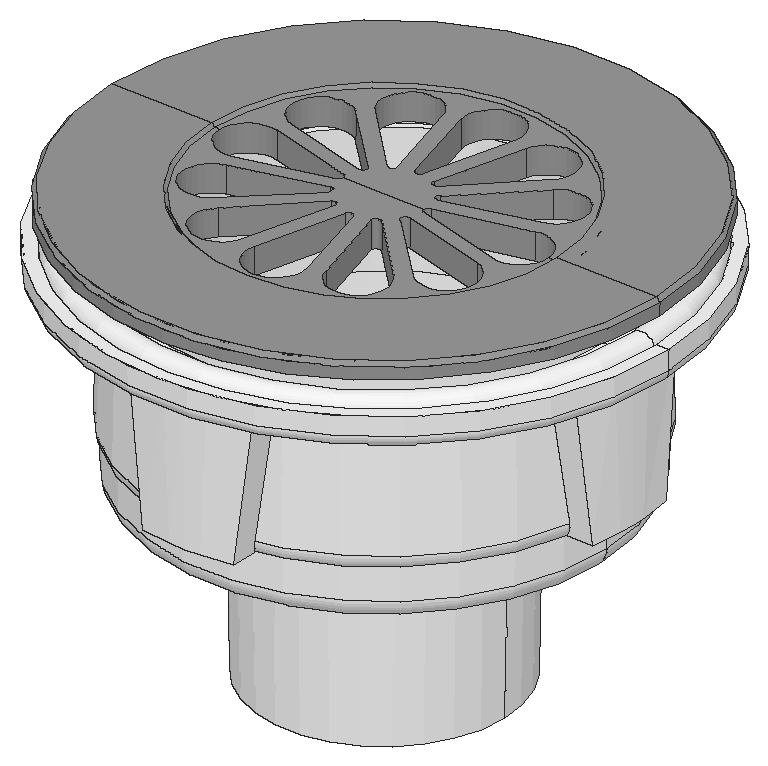
Revit family "0524.03 LRP FC HF BE40", category Plumbing Fixtures, Revit 2016
Family settings
  Part Type = Normal
  Round Connector Dimension = Use Diameter
  OmniClass Number = 23.31.27.00
  OmniClass Title = Floor Drains
  Work Plane-Based = No
  Always vertical = Yes
  Cut with Voids When Loaded = No
  Shared = No
  Room Calculation Point = No
Parameters (values of type "0524.03")
  Waste Connection = yes
  Vent Connection = no
  URL = "www.aquaknight.co.nz"
  Phone = "+6498322214"  # constant formula
  Model = "LRP FC HF BE40 - 0524.03"
  Manufacturer = "Aquanight Industries Ltd"  # constant formula
  HW Connection = no
  Email = "info@aquaknight.co.nz"  # constant formula
  Description = "DWV40 Wastetrap with chrome flat lid"
  CW Connection = no
Reference planes
  plane 1 "Center (Front/Back)": y = 0
  plane 2: z = 0
  plane 3 "Center (Left/Right)": x = 0
  plane 4: x = -12.666
  plane 5: x = -8.658
  plane 6: z = -62.638
Forms (mm)
  Revolve 1, solid, material "Plastic, Glossy White"
    sketch origin (0, 0, 0) x (1, 0, 0) y (0, 0, 1)
      loop
        line (-42.055, -39.828) -> (-42.255, -28.405) -> (-40.35, -28.405) -> (-39.919, -2.405) -> (-41.45, -2.405) -> (-41.45, 6.595) -> (-52.279, 6.595) -> (-52.279, 4.395) -> (-50.75, 3.513) -> (-46.125, 3.095)
        arc (-46.125, 3.095) -> (-44.504, 2.292) -> (-43.85, 0.606) r 2.5
        line (-43.85, 0.606) -> (-43.85, -3.399) -> (-49.924, -3.399)
        arc (-49.924, -3.399) -> (-51.565, 1.366) -> (-53.206, -3.399) r 2.665
        line (-53.206, -3.399) -> (-54.441, -3.399) -> (-54.5, 0) -> (-57, 0) -> (-56.936, -3.693)
        arc (-56.936, -3.693) -> (-56.187, -5.433) -> (-54.434, -6.149) r 2.5
        line (-54.434, -6.149) -> (-45.017, -6.149)
        spline (-45.017, -6.149) -> (-45.069, -8.251) -> (-45.119, -10.355) -> (-45.168, -12.461) -> (-45.216, -14.57) -> (-45.262, -16.68) -> (-45.306, -18.793) -> (-45.349, -20.908) -> (-45.391, -23.025) -> (-45.431, -25.143) -> (-45.469, -27.264) -> (-45.506, -29.386) -> (-45.542, -31.51)
        arc (-45.542, -31.51) -> (-45.324, -32.787) -> (-44.659, -33.899) r 3.52
        line (-44.659, -33.899) -> (-44.55, -40.153)
        arc (-44.55, -40.153) -> (-43.731, -42.479) -> (-41.682, -43.852) r 3.908
        line (-41.682, -43.852) -> (-24.658, -48.55) -> (-24.15, -77.646) -> (-21.65, -77.646) -> (-21.3, -49.146) -> (-20, -49.146)
        arc (-20, -49.146) -> (-20.511, -47.632) -> (-21.835, -46.736) r 2.5
        line (-21.835, -46.736) -> (-40.746, -41.517)
        arc (-40.746, -41.517) -> (-41.682, -40.89) -> (-42.055, -39.828) r 1.784
      axis (0, 6.595) -> (0, -77.646)
    angle from 0 to 360
  Revolve 2, solid, material "Steel, Chrome Plated"
    sketch origin (0, 0, 0) x (1, 0, 0) y (0, 0, 1)
      loop
        line (-34, 7.988) -> (-34.6, 8.588) -> (-54.5, 8.588) -> (-55.25, 7.838) -> (-55.25, 5.588) -> (-46.4, 5.588) -> (-36.005, 6.681)
        arc (-36.005, 6.681) -> (-35.231, 6.43) -> (-34.9, 5.687) r 1
        line (-34.9, 5.687) -> (-34.9, 2.713) -> (-5.25, 2.713) -> (-5.25, 5.488) -> (0, 5.488) -> (0, 7.988) -> (-34, 7.988)
      axis (0, 8.588) -> (0, 2.713)
    angle from 0 to 360
  SweptBlend 3, solid, material "Plastic, Glossy White", detail levels fine
    path origin (0, 0, 0) x (1, 0, 0) y (0, 0, 1)
      loop
        line (0, -6.149) -> (0, -33.899)
    profile origin (0, 0, -6.149) x (0, -1, 0) y (1, 0, 0)
      loop
        arc (48.308, -12.6) -> (49.924, 0) -> (48.308, 12.6) r 49.924
        line (48.308, 12.6) -> (43.218, 12.6)
        arc (43.218, 12.6) -> (45.017, 0) -> (43.218, -12.6) r 45.017
        line (43.218, -12.6) -> (48.308, -12.6)
    end profile origin (0, 0, -33.899) x (0, -1, 0) y (1, 0, 0)
      loop
        arc (49.088, -9.1) -> (49.924, 0) -> (49.088, 9.1) r 49.924
        line (49.088, 9.1) -> (44.088, 9.1)
        arc (44.088, 9.1) -> (45.017, 0) -> (44.088, -9.1) r 45.017
        line (44.088, -9.1) -> (49.088, -9.1)
  SweptBlend 4, solid, material "Plastic, Glossy White", detail levels fine
    path origin (0, 0, 0) x (0, -1, 0) y (0, 0, 1)
      loop
        line (0, -6.149) -> (0, -33.899)
    profile origin (0, 0, -6.149) x (-1, 0, 0) y (0, -1, 0)
      loop
        arc (48.308, -12.6) -> (49.924, 0) -> (48.308, 12.6) r 49.924
        line (48.308, 12.6) -> (43.218, 12.6)
        arc (43.218, 12.6) -> (45.017, 0) -> (43.218, -12.6) r 45.017
        line (43.218, -12.6) -> (48.308, -12.6)
    end profile origin (0, 0, -33.899) x (-1, 0, 0) y (0, -1, 0)
      loop
        arc (49.088, -9.1) -> (49.924, 0) -> (49.088, 9.1) r 49.924
        line (49.088, 9.1) -> (44.088, 9.1)
        arc (44.088, 9.1) -> (45.017, 0) -> (44.088, -9.1) r 45.017
        line (44.088, -9.1) -> (49.088, -9.1)
  SweptBlend 5, solid, material "Plastic, Glossy White", detail levels fine
    path origin (0, 0, 0) x (-1, 0, 0) y (0, 0, 1)
      loop
        line (0, -6.149) -> (0, -33.899)
    profile origin (0, 0, -6.149) x (0, 1, 0) y (-1, 0, 0)
      loop
        arc (48.308, -12.6) -> (49.924, 0) -> (48.308, 12.6) r 49.924
        line (48.308, 12.6) -> (43.218, 12.6)
        arc (43.218, 12.6) -> (45.017, 0) -> (43.218, -12.6) r 45.017
        line (43.218, -12.6) -> (48.308, -12.6)
    end profile origin (0, 0, -33.899) x (0, 1, 0) y (-1, 0, 0)
      loop
        arc (49.088, -9.1) -> (49.924, 0) -> (49.088, 9.1) r 49.924
        line (49.088, 9.1) -> (44.088, 9.1)
        arc (44.088, 9.1) -> (45.017, 0) -> (44.088, -9.1) r 45.017
        line (44.088, -9.1) -> (49.088, -9.1)
  SweptBlend 6, solid, material "Plastic, Glossy White", detail levels fine
    path origin (0, 0, 0) x (0, 1, 0) y (0, 0, 1)
      loop
        line (0, -6.149) -> (0, -33.899)
    profile origin (0, 0, -6.149) x (1, 0, 0) y (0, 1, 0)
      loop
        arc (48.308, -12.6) -> (49.924, 0) -> (48.308, 12.6) r 49.924
        line (48.308, 12.6) -> (43.218, 12.6)
        arc (43.218, 12.6) -> (45.017, 0) -> (43.218, -12.6) r 45.017
        line (43.218, -12.6) -> (48.308, -12.6)
    end profile origin (0, 0, -33.899) x (1, 0, 0) y (0, 1, 0)
      loop
        arc (49.088, -9.1) -> (49.924, 0) -> (49.088, 9.1) r 49.924
        line (49.088, 9.1) -> (44.088, 9.1)
        arc (44.088, 9.1) -> (45.017, 0) -> (44.088, -9.1) r 45.017
        line (44.088, -9.1) -> (49.088, -9.1)
  Extrusion 7, void
    sketch origin (0, 0, 4) x (0, 1, 0) y (-1, 0, 0)
      loop
        arc (25.89, -5.396) -> (32.897, 0) -> (25.89, 5.396) r 5.581
        line (25.89, 5.396) -> (8.717, 0.856)
        arc (8.717, 0.856) -> (8.058, 0) -> (8.717, -0.856) r 0.886
        line (8.717, -0.856) -> (25.89, -5.396)
      loop
        arc (25.115, 8.283) -> (28.482, 16.461) -> (19.715, 17.627) r 5.581
        line (19.715, 17.627) -> (7.119, 5.104)
        arc (7.119, 5.104) -> (6.977, 4.032) -> (7.976, 3.621) r 0.886
        line (7.976, 3.621) -> (25.115, 8.283)
      loop
        arc (17.585, 19.753) -> (16.401, 28.518) -> (8.229, 25.133) r 5.581
        line (8.229, 25.133) -> (3.604, 7.984)
        arc (3.604, 7.984) -> (4.017, 6.985) -> (5.088, 7.13) r 0.886
        line (5.088, 7.13) -> (17.585, 19.753)
      loop
        arc (5.341, 25.901) -> (-0.07, 32.897) -> (-5.451, 25.878) r 5.581
        line (-5.451, 25.878) -> (-0.875, 8.715)
        arc (-0.875, 8.715) -> (-0.017, 8.058) -> (0.838, 8.719) r 0.886
        line (0.838, 8.719) -> (5.341, 25.901)
      loop
        line (-25.89, -5.396) -> (-8.717, -0.856)
        arc (-8.717, -0.856) -> (-8.058, 0) -> (-8.717, 0.856) r 0.886
        line (-8.717, 0.856) -> (-25.89, 5.396)
        arc (-25.89, 5.396) -> (-32.897, 0) -> (-25.89, -5.396) r 5.581
      loop
        line (-25.115, 8.283) -> (-7.976, 3.621)
        arc (-7.976, 3.621) -> (-6.977, 4.032) -> (-7.119, 5.104) r 0.886
        line (-7.119, 5.104) -> (-19.715, 17.627)
        arc (-19.715, 17.627) -> (-28.482, 16.461) -> (-25.115, 8.283) r 5.581
      loop
        line (-17.585, 19.753) -> (-5.088, 7.13)
        arc (-5.088, 7.13) -> (-4.017, 6.985) -> (-3.604, 7.984) r 0.886
        line (-3.604, 7.984) -> (-8.229, 25.133)
        arc (-8.229, 25.133) -> (-16.401, 28.518) -> (-17.585, 19.753) r 5.581
      loop
        line (25.115, -8.283) -> (7.976, -3.621)
        arc (7.976, -3.621) -> (6.977, -4.032) -> (7.119, -5.104) r 0.886
        line (7.119, -5.104) -> (19.715, -17.627)
        arc (19.715, -17.627) -> (28.482, -16.461) -> (25.115, -8.283) r 5.581
      loop
        line (17.585, -19.753) -> (5.088, -7.13)
        arc (5.088, -7.13) -> (4.017, -6.985) -> (3.604, -7.984) r 0.886
        line (3.604, -7.984) -> (8.229, -25.133)
        arc (8.229, -25.133) -> (16.401, -28.518) -> (17.585, -19.753) r 5.581
      loop
        line (5.341, -25.901) -> (0.838, -8.719)
        arc (0.838, -8.719) -> (-0.017, -8.058) -> (-0.875, -8.715) r 0.886
        line (-0.875, -8.715) -> (-5.451, -25.878)
        arc (-5.451, -25.878) -> (-0.07, -32.897) -> (5.341, -25.901) r 5.581
      loop
        arc (-25.115, -8.283) -> (-28.482, -16.461) -> (-19.715, -17.627) r 5.581
        line (-19.715, -17.627) -> (-7.119, -5.104)
        arc (-7.119, -5.104) -> (-6.977, -4.032) -> (-7.976, -3.621) r 0.886
        line (-7.976, -3.621) -> (-25.115, -8.283)
      loop
        arc (-17.585, -19.753) -> (-16.401, -28.518) -> (-8.229, -25.133) r 5.581
        line (-8.229, -25.133) -> (-3.604, -7.984)
        arc (-3.604, -7.984) -> (-4.017, -6.985) -> (-5.088, -7.13) r 0.886
        line (-5.088, -7.13) -> (-17.585, -19.753)
    from -7.399 to 18.251
Cuts and joins
  Extrusion 7 cuts Revolve 2
Lines and regions (mm)
  model lines, detail levels fine
    curve 1: circle (0, 0, 7.988) r 5.25 normal (0, 0, 1)
Dimensions and locks
  plane 2 to plane 6 = 62.638 mm
  aligned and locked: level to plane 2
  aligned and locked: Revolve 1 sketch curve to plane 3 "Center (Left/Right)"
  aligned and locked: Revolve 2 sketch curve to plane 3 "Center (Left/Right)"
Connectors
  piping at (0, 0, -62.638), diameter 40
    settings: on plane 6, index 1, connector inside diameter 609.6 mm, connector length 0 mm, flow factor 0, pipe flow 0.0 L/s, pressure drop 0.0 Pa, fitting loss kfactor 0, connector angle 0.00°, fixture units 0, engagement length 0 mm, angle of deflection 0.00°, flow configuration 0, flow direction 0, fitting loss method 0, system type 28, joint type 0, gender type 0, connector reference index -1, connector utility 0, adjustable connector no, is connector primary yes, connector description ""
